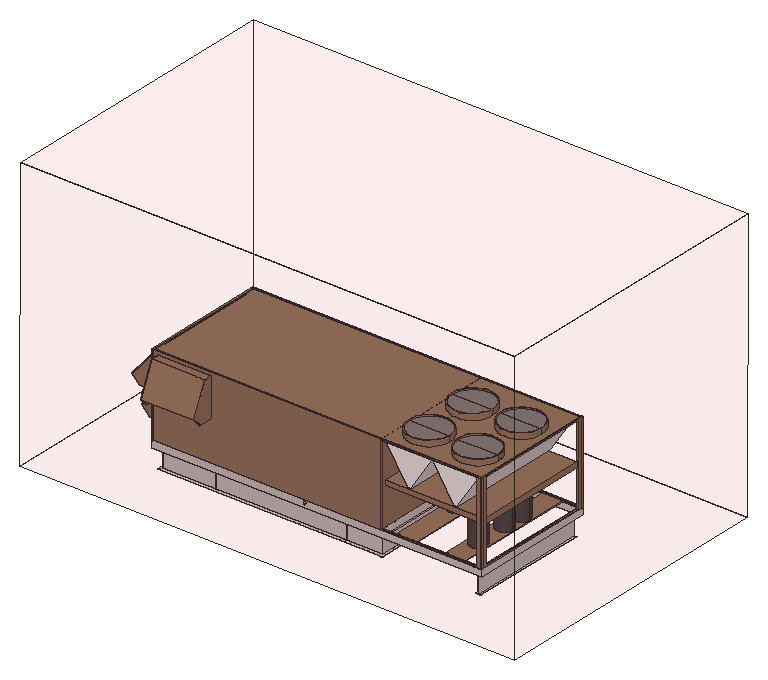
Revit family
Parameters (values of type "25 Ton - A - C - E - 208V")
  Width = 92"  # constant formula
  Voltage = 208 V
  URL = "www.johnsoncontrols.com"
  Temperature Rise Range [instance] = 0 °F
  Supply Fan HP = 0 W
  Supply Fan Full Load Current = 0 A
  Supply Air Connection Width = 71 39/64"  # constant formula
  Supply Air Connection Height = 26"  # constant formula
  Supply Air Connection Description = "Supply Air"  # constant formula
  Steady State Efficiency [instance] = 0
  Static Resistance [instance] = -0.14
  Standard Capacity Evaporator [instance] = "12.3"
  Serial Number [instance] = ""
  Seasonal Energy Efficiency Rating [instance] = 0
  Screen Detail Height = Height - 5 5/8"  # 58 3/8"
  Right Screen Detail Width = Width - 8"  # 84"
  Return Air Dry Bulb Temperature [instance] = 68 °F
  Return Air Connection Width = 83"  # constant formula
  Return Air Connection Height = 38 151/256"  # constant formula
  Return Air Connection Description = "Return Air"  # constant formula
  Refrigerant Used = "R-410A"  # constant formula
  Refrigerant Charge System Two = 12.00 lbf
  Refrigerant Charge System Three = 10.00 lbf
  Refrigerant Charge System One = 12.00 lbf
  Refrigerant Charge System Four = 10.00 lbf
  Product Page URL = "http://www.johnsoncontrols.com/publish/us/en/products/building_efficiency/integrated_hvac_systems/Industrial___Commercial_HVAC_Equipment/single-package_units/series_40.html"
  Product Documentation Link = "http://www.johnsoncontrols.com/publish/etc/medialib/jci/be/commercial/products/industrial___commercial/single-package_units.Par.62966.File.dat/series%2040-%20T%20series.pdf"
  Power Factor = 1  # constant formula
  Power Exhaust Width = 59 133/256"  # constant formula
  Power Convenience Outlet Description [instance] = if(Power Convenience Outlet, "Convenience Outlet Power", "Disable")  # "Disable"
  Outdoor Ambient Temperature [instance] = 75 °F
  Outdoor Air Wet Bulb Temperature [instance] = 57 °F
  Nominal Cooling Capacity = 0.0 ton
  Maximum Overcurrent Protection = 0 A
  Filter Type = "2\" TA"
  Filter Size and Quantity = "4 / 16 x 25 & 6 / 20 x 25"  # constant formula
  Family Revision Date = "06/18/2010"  # constant formula
  Exhaust Width = 79"  # constant formula
  Power Exhaust [instance] = yes
  Power Convenience Outlet [instance] = no
  Power Connector Description = "Equipment Power"  # constant formula
  Operating Weight = 4410.00 lbf
  OmniClass Title = "Packaged Rooftop Air Conditioning Units"  # constant formula
  OmniClass Number = "23.75.10.24.21.27.14"  # constant formula
  Number of Poles = 3
  Model = "V32AE"
  Manufacturer = "Johnson Controls, Inc."  # constant formula
  Length = 240"  # constant formula
  Keynote = "15700"
  Integrated Part Load Value = 0
  Hot Gas By Pass [instance] = no
  Height = 64"  # constant formula
  Frame Material = Metal - JCI - Steel - Galvanized With Wood Nailer
  Frame Finish = Paint - JCI - Powder Coated - Champagne
  Filter Face Area = 30.40 SF  # constant formula
  Exhaust Fan HP [instance] = 7.457 W
  Exhaust Fan Drive = "Belt Drive"
  Exhaust Air Blower Full Load Current [instance] = 0 A
  External Static Pressure [instance] = 0.00 in-wg
  Exhaust Fan Type = "FC"  # constant formula
  Exhaust Fan Quantity = 1
  Exhaust Air Flow = 0 CFM
  Evaporator Coil Row Count = 2
  Evaporator Coil Fins per Inch = 16  # constant formula
  Evaporator Coil Face Area = 26.00 SF
  Energy Efficiency Rating = 10.5
  Electric Heat Model = ""
  Electric Heat Current = 0 A
  Electric Heat = 0 W
  Economizer Damper Hood Right [instance] = not(Economizer Damper Hood Left)  # yes
  Economizer Damper Hood Left [instance] = no
  Design Supply Air Flow [instance] = 0 CFM
  Description = "Air Handling Unit, Commercial Comfort Systems, Series 40, Cooling Only, Bottor Return And Bottom Supply 25 to 40 Ton Unit"  # constant formula
  Curb Width = 87"  # constant formula
  Curb Thicknes = 2"  # constant formula
  Curb Metal Gauge = 1/8"  # constant formula
  Curb Length = 235"  # constant formula
  Curb Height = 14"
  Curb Material = Metal - JCI - Steel - Galvanized With Wood Nailer
  Curb Exists [instance] = yes
  Copyright © = "Copyright © 2001-2009 Johnson Controls"  # constant formula
  Convenience Outlet Voltage [instance] = if(Power Convenience Outlet, 115 V, 0 V)  # 0 V
  Convenience Outlet Full Load Current = 0 A
  Connection Opening Radius = 1 1/4"  # constant formula
  Condenser Fan Quantity = 4
  Condenser Fan HP = 0 W
  Condenser Fan Full Load Current = 0 A
  Condenser Fan Drive Type = "Belt Drive"
  Condenser Fan Diameter = 30"
  Condenser Coils Fins per Inch = 16  # constant formula
  Condenser Coil Rows = 2
  Condenser Coil Material = Metal - JCI - Aluminum - Perforated - Micro Channel
  Condensate Drain Flow [instance] = 0 GPM
  Condensate Drain Connection Radius = Condensate Drain Connection Diameter / 2  # 3/4"
  Condensate Drain Connection Diameter = 1 1/2"  # constant formula
  Condensate Drain Connection Description = "Condensate Drain"  # constant formula
  Compressor Type = "Scroll"  # constant formula
  Compressor Size = "5.7 Tons"
  Compressor Running Load Current = 0 A
  Compressor Quantity = 4
  Compressor Maximum Continuous Current = 0 A
  Compressor Material = Metal - JCI - Cast Iron - Coated Black
  Compressor Locked Rotor Current = 0 A
  Clearance Top = 120"
  Clearance Right = 60"
  Clearance Left = 60"
  Clearance Front = 60"
  Clearance Bottom [instance] = if(Curb Exists, CTRL Curb Height, 0")  # 14"
  Clearance Back = 60"
  Clearance [instance] = Include Clearance : Include Clearance
  CTRL Curb Height [instance] = if(Curb Exists, if(Curb Height < 9", 8", 14"), 0")  # 14"
  Assembly Code = "D3050200"
  Actual Supply Air Flow [instance] = 0 CFM
  Actual Return Air Flow [instance] = 0 CFM
Reference planes (in)
  plane 1 "Center (Front/Back)": y = 0
  plane 2 "Curb Bottom": z = 0
  plane 3 "Center (Left/Right)": x = 0
  plane 4 "Curb Left": x = -117.5
  plane 5 "Curb Right": x = 117.5
  plane 6 "Curb Front": y = -43.5
  plane 7 "Curb Back": y = 43.5
  plane 8 "Economizer Left": x = -115.5
  plane 9 "Right Rail Center L/R": x = 115.5
  plane 10 "Curv Front Inset": y = -41.5
  plane 11 "Curv Back Inset": y = 41.5
  plane 12 "Curb Top": z = 14
  plane 13 "Curb Top Offset": z = 12.5
  plane 14 "Economizer Right": x = -76.91
  plane 15 "Economizer Right Offset": x = -74.91
  plane 16 "Supply Air Left": x = 18.17984
  plane 17 "Supply Air Right'": x = 44.17984
  plane 18 "Supply Air Right Offset": x = 46.17984
  plane 19 "Supply Air Left Offset": x = 16.17984
  plane 20 "Supply Air Front": y = -30.10938
  plane 21 "Supply Air Front Offset": y = -32.10938
  plane 22 "Right Rail Left": x = 113.5
  plane 23 "Right": x = 120
  plane 24 "Left": x = -120
  plane 25 "Back": y = 46
  plane 26 "Front": y = -46
  plane 27 "Center of Drain Connection L/R": x = -39.07
  plane 28 "Top of Base": z = 18.625
  plane 29 "Drain Center T/B": z = 16.3125
  plane 30 "Drain Back": y = 47
  plane 31 "Flanged Drain Left": x = -42.195
  plane 32 "Flanged Drain Right": x = -35.945
  plane 33 "Center of Electrical Connection L/R": x = -8.5
  plane 34 "Center of Electrical Connection F/B": y = -39.54
  plane 35 "Center of Connection Holes T/B": z = 17.0625
  plane 36 "Return Air Bottom": z = 20.25
  plane 37 "Top": z = 78
  plane 38 "Center (Elevation)": z = 48.3125
  plane 39 "Economizer Top": z = 76
  plane 40 "Front Condenser Fans": y = -23.97667
  plane 41 "Rear Condenser Fans": y = 15.33333
  plane 42 "Right Condenser Fans": x = 99.54496
  plane 43 "Center of Condenser Fans L/R": x = 82.83992
  plane 44 "Left Condenser Fans": x = 64.12309
  plane 45 "Compressor Base Top": z = 18.875
  plane 46 "Power Exhaust Bottom": z = 21.94
  plane 47 "Power Convenience Outlet Center L/R": x = -14.5
  plane 48 "Power Convenience Outlet Right": x = -13.75
  plane 49: x = -13.75
  plane 50 "Power Convenience Outle Left": x = -15.25
  plane 51 "Power Convenience Outlet Bottom": z = 16.0625
  plane 52 "Power Convenience Outlet Top": z = 18.0625
  plane 53 "Power Convenience Outlet": y = -46.75
  plane 54 "Duct Center": x = -96.20508
  plane 55 "Supply Duct Center": y = 5.695
  plane 56 "Supply Duct Middle": x = 31.17984
Forms (in)
  Sweep 1, solid, material "Metal - JCI - Steel - Galvanized With Wood Nailer" <- "Curb Material", visible <- "Curb Exists", detail levels fine
    path origin (0, 0, 0) x (1, 0, 0) y (0, 1, 0)
      loop
        line (-115.5, 41.5) -> (-115.5, -41.5) -> (44.17984, -41.5) -> (44.17984, 41.5) -> (-115.5, 41.5)
    profile origin (-35.66008, 41.5, 0) x (0, 1, 0) y (0, 0, 1)
      loop
        line (0, 0) -> (2, 0) -> (2, 0.125) -> (0.125, 0.125) -> (0.125, 13.875) -> (1.875, 13.875) -> (1.875, 12.5) -> (2, 12.5) -> (2, 14) -> (0, 14) -> (0, 0)
  Extrusion 2, solid, material "Metal - JCI - Steel - Galvanized With Wood Nailer" <- "Curb Material", visible <- "Curb Exists", detail levels fine
    sketch origin (0, 0, 0) x (1, 0, 0) y (0, 0, 1)
      loop
        line (16.17984, 12.5) -> (16.30484, 12.5) -> (16.30484, 13.875) -> (18.05484, 13.875) -> (18.05484, 0.125) -> (16.17984, 0.125) -> (16.17984, 0) -> (18.17984, 0) -> (18.17984, 14) -> (16.17984, 14) -> (16.17984, 12.5)
      loop
        line (-74.91, 12.5) -> (-74.91, 14) -> (-76.91, 14) -> (-76.91, 0) -> (-74.91, 0) -> (-74.91, 0.125) -> (-76.785, 0.125) -> (-76.785, 13.875) -> (-75.035, 13.875) -> (-75.035, 12.5) -> (-74.91, 12.5)
    from -41.5 to 41.5
  Extrusion 3, solid, material "Metal - JCI - Steel - Galvanized With Wood Nailer" <- "Curb Material", visible <- "Curb Exists", detail levels fine
    sketch origin (0, 0, 0) x (0, 1, 0) y (0, 0, 1)
      loop
        line (-32.10938, 0.125) -> (-32.10938, 0) -> (-30.10938, 0) -> (-30.10938, 14) -> (-32.10938, 14) -> (-32.10938, 12.5) -> (-31.98438, 12.5) -> (-31.98438, 13.875) -> (-30.23438, 13.875) -> (-30.23438, 0.125) -> (-32.10938, 0.125)
    from 18.17984 to 44.17984
  Extrusion 4, solid, material "Metal - JCI - Steel - Galvanized With Wood Nailer" <- "Curb Material", visible <- "Curb Exists", detail levels fine
    sketch origin (0, 0, 0) x (1, 0, 0) y (0, 0, 1)
      loop
        line (113.5, 0.125) -> (113.5, 0) -> (117.5, 0) -> (117.5, 0.125) -> (115.625, 0.125) -> (115.625, 13.875) -> (117.375, 13.875) -> (117.375, 12.5) -> (117.5, 12.5) -> (117.5, 14) -> (113.5, 14) -> (113.5, 12.5) -> (113.625, 12.5) -> (113.625, 13.875) -> (115.375, 13.875) -> (115.375, 0.125) -> (113.5, 0.125)
    from -43.5 to 43.5
  Extrusion 5, solid, material "Metal - JCI - Steel - Galvanized With Wood Nailer" <- "Curb Material", visible <- "Curb Exists", detail levels medium
    sketch origin (0, 0, 12.5) x (-1, 0, 0) y (0, -1, 0)
      loop
        line (117.5, -43.5) -> (117.5, 43.5) -> (-46.17984, 43.5) -> (-46.17984, -43.5) -> (117.5, -43.5)
      loop
        line (-113.5, -43.5) -> (-113.5, 43.5) -> (-117.5, 43.5) -> (-117.5, -43.5) -> (-113.5, -43.5)
      loop
        line (-18.17984, -41.5) -> (-18.17984, 30.10938) -> (-44.17984, 30.10938) -> (-44.17984, -41.5) -> (-18.17984, -41.5)
      loop
        line (115.5, -41.5) -> (115.5, 41.5) -> (76.91, 41.5) -> (76.91, -41.5) -> (115.5, -41.5)
    from -12.5 to 1.5
  Revolve 6, solid, material "Metal - JCI - Steel - Galvanized With Wood Nailer" <- "Curb Material", detail levels fine
    sketch origin (0, 0, 16.3125) x (-1, 0, 0) y (0, -1, 0)
      loop
        line (39.07, -47) -> (39.07, -46) -> (38.32, -46) -> (38.32, -47) -> (39.07, -47)
      axis (39.07, -46) -> (39.07, -47)
    angle from 0 to 360
  Extrusion 7, solid, material "Metal - JCI - Steel - Galvanized With Wood Nailer" <- "Curb Material", detail levels fine
    sketch origin (0, -43.5, 0) x (-1, 0, 0) y (0, 0, 1)
      loop
        line (42.195, 18.625) -> (35.945, 18.625) -> (35.945, 14) -> (42.195, 14) -> (42.195, 18.625)
      loop
        circle (39.07, 16.3125) r 1.5
    from 89.5 to 89.57955
  Extrusion 8, void
    sketch origin (0, -43.5, 0) x (-1, 0, 0) y (0, 0, 1)
      loop
        circle (8.5, 17.0625) r 1.25
    from -2.5 to 3.96
  Extrusion 9, void
    sketch origin (0, 0, 16.3125) x (-1, 0, 0) y (0, -1, 0)
      loop
        line (-18.17984, -41.5) -> (-18.17984, 30.10938) -> (-44.17984, 30.10938) -> (-44.17984, -41.5) -> (-18.17984, -41.5)
    from -3.8125 to -2.3125
  Extrusion 10, void
    sketch origin (0, 0, 12.5) x (-1, 0, 0) y (0, -1, 0)
      loop
        line (115.5, -41.5) -> (115.5, 41.5) -> (76.91, 41.5) -> (76.91, -41.5) -> (115.5, -41.5)
    from 0 to 1.5
  Extrusion 11, solid, material "Metal - JCI - Steel - Galvanized With Wood Nailer" <- "Frame Material", visible <- "Power Convenience Outlet", detail levels medium+fine
    sketch origin (0, -43.5, 0) x (-1, 0, 0) y (0, 0, 1)
      loop
        line (15.25, 18.0625) -> (13.75, 18.0625) -> (13.75, 16.0625) -> (15.25, 16.0625) -> (15.25, 18.0625)
    from -3.25 to -2.5
Lines and regions (in)
  Masking region 1
    outline origin (0, 0, 0) x (1, 0, 0) y (0, 0, 1)
      loop
        line (113.5, 14) -> (113.5, 0) -> (117.5, 0) -> (117.5, 14) -> (113.5, 14)
      loop
        line (-117.5, 14) -> (-117.5, 0) -> (46.17984, 0) -> (46.17984, 14) -> (-117.5, 14)
  Masking region 2
    outline origin (0, 0, 0) x (0, 1, 0) y (0, 0, 1)
      loop
        line (-43.5, 14) -> (-43.5, 0) -> (43.5, 0) -> (43.5, 14) -> (-43.5, 14)
  Masking region 3, visible <- "Power Convenience Outlet", detail levels medium+fine
    outline origin (-14.5, 0, 0) x (0, -1, 0) y (0, 0, 1)
      loop
        line (46.75, 18.0625) -> (46, 18.0625) -> (46, 16.0625) -> (46.75, 16.0625) -> (46.75, 18.0625)
  Masking region 4, visible <- "Power Convenience Outlet"
    outline origin (0, -46, 0) x (-1, 0, 0) y (0, 0, 1)
      loop
        line (15.25, 18.0625) -> (13.75, 18.0625) -> (13.75, 16.0625) -> (15.25, 16.0625) -> (15.25, 18.0625)
  Masking region 5, visible <- "Power Convenience Outlet", detail levels medium+fine
    outline origin (0, 0, 17.0625) x (-1, 0, 0) y (0, -1, 0)
      loop
        line (15.25, 46) -> (15.25, 46.75) -> (13.75, 46.75) -> (13.75, 46) -> (15.25, 46)
  model lines, style "Roof Curv", visible <- "Curb Exists", detail levels coarse
    curve 1: line (-117.5, 43.5, 0) -> (46.17984, 43.5, 0)
    curve 2: line (-117.5, 43.5, 0) -> (-117.5, -43.5, 0)
    curve 3: line (-117.5, -43.5, 0) -> (46.17984, -43.5, 0)
    curve 4: line (46.17984, 43.5, 0) -> (46.17984, -43.5, 0)
    curve 5: line (115.5, 43.5, 0) -> (115.5, -43.5, 0)
    curve 6: line (-117.5, 43.5, 14) -> (46.17984, 43.5, 14)
    curve 7: line (-117.5, -43.5, 14) -> (46.17984, -43.5, 14)
    curve 8: line (46.17984, 43.5, 14) -> (46.17984, -43.5, 14)
    curve 9: line (-117.5, 43.5, 14) -> (-117.5, -43.5, 14)
    curve 10: line (115.5, 43.5, 14) -> (115.5, -43.5, 14)
    curve 11: line (113.5, -43.5, 14) -> (117.5, -43.5, 14)
    curve 12: line (113.5, 43.5, 14) -> (117.5, 43.5, 14)
    curve 13: line (113.5, 43.5, 0) -> (117.5, 43.5, 0)
    curve 14: line (113.5, -43.5, 0) -> (117.5, -43.5, 0)
    curve 15: line (117.5, 43.5, 14) -> (117.5, 43.5, 12.5)
    curve 16: line (113.5, 43.5, 14) -> (113.5, 43.5, 12.5)
    curve 17: line (115.5, 43.5, 14) -> (115.5, 43.5, 0)
    curve 18: line (113.5, -43.5, 14) -> (113.5, -43.5, 12.5)
    curve 19: line (117.5, -43.5, 14) -> (117.5, -43.5, 12.5)
    curve 20: line (115.5, -43.5, 14) -> (115.5, -43.5, 0)
    curve 21: line (113.5, 43.5, 0) -> (113.5, -43.5, 0)
    curve 22: line (117.5, 43.5, 0) -> (117.5, -43.5, 0)
    curve 23: line (113.5, 43.5, 14) -> (113.5, -43.5, 14)
    curve 24: line (117.5, 43.5, 14) -> (117.5, -43.5, 14)
    curve 25: line (117.5, 43.5, 12.5) -> (117.5, -43.5, 12.5)
    curve 26: line (113.5, -43.5, 12.5) -> (113.5, 43.5, 12.5)
    curve 27: line (44.17984, 41.5, 14) -> (44.17984, 41.5, 0)
    curve 28: line (-115.5, 41.5, 14) -> (-115.5, 41.5, 0)
    curve 29: line (-115.5, -41.5, 14) -> (-115.5, -41.5, 0)
    curve 30: line (44.17984, -41.5, 14) -> (44.17984, -41.5, 0)
    curve 31: line (-115.5, 41.5, 0) -> (44.17984, 41.5, 0)
    curve 32: line (-115.5, -41.5, 0) -> (44.17984, -41.5, 0)
    curve 33: line (44.17984, 41.5, 0) -> (44.17984, -41.5, 0)
    curve 34: line (-115.5, 41.5, 0) -> (-115.5, -41.5, 0)
    curve 35: line (-115.5, 41.5, 14) -> (44.17984, 41.5, 14)
    curve 36: line (44.17984, 41.5, 14) -> (44.17984, -41.5, 14)
    curve 37: line (44.17984, -41.5, 14) -> (-115.5, -41.5, 14)
    curve 38: line (-115.5, -41.5, 14) -> (-115.5, 41.5, 14)
    curve 39: line (-117.5, 43.5, 14) -> (-115.5, 41.5, 14)
    curve 40: line (-117.5, -43.5, 14) -> (-115.5, -41.5, 14)
    curve 41: line (44.17984, -41.5, 14) -> (46.17984, -43.5, 14)
    curve 42: line (44.17984, 41.5, 14) -> (46.17984, 43.5, 14)
    curve 43: line (44.17984, 41.5, 0) -> (46.17984, 43.5, 0)
    curve 44: line (44.17984, -41.5, 0) -> (46.17984, -43.5, 0)
    curve 45: line (-115.5, -41.5, 0) -> (-117.5, -43.5, 0)
    curve 46: line (-115.5, 41.5, 0) -> (-117.5, 43.5, 0)
    curve 47: line (-117.5, 43.5, 14) -> (-117.5, 43.5, 12.5)
    curve 48: line (46.17984, 43.5, 14) -> (46.17984, 43.5, 12.5)
    curve 49: line (-117.5, -43.5, 14) -> (-117.5, -43.5, 12.5)
    curve 50: line (46.17984, -43.5, 14) -> (46.17984, -43.5, 12.5)
    curve 51: line (-117.5, 43.5, 12.5) -> (46.17984, 43.5, 12.5)
    curve 52: line (-117.5, -43.5, 12.5) -> (-117.5, 43.5, 12.5)
    curve 53: line (46.17984, -43.5, 12.5) -> (-117.5, -43.5, 12.5)
    curve 54: line (46.17984, 43.5, 12.5) -> (46.17984, -43.5, 12.5)
  model lines, style "Roof Curv", detail levels coarse
    curve 55: line (-39.07, 46, 16.3125) -> (-39.07, 47, 16.3125)
  symbolic lines, style "Roof Curv", detail levels coarse
    curve 56: line (-39.07, 46, 16.3125) -> (-39.07, 47, 16.3125)
    curve 57: line (-39.07, 46, 16.3125) -> (-39.07, 47, 16.3125)
  model lines, style "Frame Unit", detail levels coarse
    curve 58: line (-14.5, -46.75, 17.0625) -> (-14.5, -46, 17.0625)
  symbolic lines, style "Frame Unit", visible <- "Power Convenience Outlet", detail levels coarse
    curve 59: line (-14.5, -46.75, 17.0625) -> (-14.5, -46, 17.0625)
    curve 64: line (-14.5, -46, 17.0625) -> (-14.5, -46.75, 17.0625)
  model lines, style "Frame Unit", visible <- "Power Convenience Outlet", detail levels coarse
    curve 60: line (-15.25, -46, 18.0625) -> (-13.75, -46, 18.0625)
    curve 61: line (-13.75, -46, 18.0625) -> (-13.75, -46, 16.0625)
    curve 62: line (-13.75, -46, 16.0625) -> (-15.25, -46, 16.0625)
    curve 63: line (-15.25, -46, 16.0625) -> (-15.25, -46, 18.0625)
  model lines, style "Frame Unit", detail levels coarse+medium
    curve 65: line (-115.5, 41.5, 12.5) -> (-76.91, 41.5, 12.5)
    curve 66: line (-76.91, 41.5, 12.5) -> (-76.91, -41.5, 12.5)
    curve 67: line (-76.91, -41.5, 12.5) -> (-115.5, -41.5, 12.5)
    curve 68: line (-115.5, -41.5, 12.5) -> (-115.5, 41.5, 12.5)
Dimensions and locks (in)
  "Curb Thicknes": plane 9 "Right Rail Center L/R" to plane 5 "Curb Right"
  "Curb Thicknes": plane 4 "Curb Left" to plane 8 "Economizer Left"
  "Curb Height": plane 12 "Curb Top" to plane 2 "Curb Bottom"
  locked: plane 12 "Curb Top" to plane 13 "Curb Top Offset" at 1.5
  "Curb Metal Gauge": Sweep 1 sketch curve to plane 7 "Curb Back"
  "Curb Metal Gauge": plane 12 "Curb Top" to Sweep 1 sketch curve
  "Curb Metal Gauge": plane 11 "Curv Back Inset" to Sweep 1 sketch curve
  "Curb Metal Gauge": Sweep 1 sketch curve to plane 2 "Curb Bottom"
  "Curb Thicknes": plane 14 "Economizer Right" to plane 15 "Economizer Right Offset"
  locked: plane 8 "Economizer Left" to plane 14 "Economizer Right" at 38.59
  "Supply Air Connection Height": plane 16 "Supply Air Left" to plane 17 "Supply Air Right'"
  "Curb Thicknes": plane 17 "Supply Air Right'" to plane 18 "Supply Air Right Offset"
  "Curb Thicknes": plane 19 "Supply Air Left Offset" to plane 16 "Supply Air Left"
  locked: plane 18 "Supply Air Right Offset" to plane 5 "Curb Right" at 71.32016
  "Curb Metal Gauge": plane 14 "Economizer Right" to Extrusion 2 sketch curve
  "Curb Metal Gauge": Extrusion 2 sketch curve to plane 2 "Curb Bottom"  (x2)
  "Curb Metal Gauge": Extrusion 2 sketch curve to plane 15 "Economizer Right Offset"
  "Curb Metal Gauge": plane 12 "Curb Top" to Extrusion 2 sketch curve  (x2)
  "Curb Metal Gauge": plane 19 "Supply Air Left Offset" to Extrusion 2 sketch curve
  "Curb Metal Gauge": Extrusion 2 sketch curve to plane 16 "Supply Air Left"
  "Supply Air Connection Width": plane 20 "Supply Air Front" to plane 11 "Curv Back Inset"
  "Curb Thicknes": plane 20 "Supply Air Front" to plane 21 "Supply Air Front Offset"
  "Curb Metal Gauge": Extrusion 3 sketch curve to plane 20 "Supply Air Front"
  "Curb Metal Gauge": plane 21 "Supply Air Front Offset" to Extrusion 3 sketch curve
  "Curb Metal Gauge": plane 12 "Curb Top" to Extrusion 3 sketch curve
  "Curb Metal Gauge": Extrusion 3 sketch curve to plane 2 "Curb Bottom"
  "Curb Thicknes": plane 22 "Right Rail Left" to plane 9 "Right Rail Center L/R"
  "Curb Metal Gauge": plane 12 "Curb Top" to Extrusion 4 sketch curve
  "Curb Metal Gauge": Extrusion 4 sketch curve to plane 5 "Curb Right"
  "Curb Metal Gauge": Extrusion 4 sketch curve to plane 2 "Curb Bottom"
  "Curb Metal Gauge": Extrusion 4 sketch curve to plane 9 "Right Rail Center L/R"
  "Curb Metal Gauge": plane 9 "Right Rail Center L/R" to Extrusion 4 sketch curve
  "Curb Metal Gauge": Extrusion 4 sketch curve to plane 22 "Right Rail Left"
  equal spacing: plane 24 "Left", plane 3 "Center (Left/Right)", plane 23 "Right"
  "Length": plane 24 "Left" to plane 23 "Right"
  equal spacing: plane 25 "Back", plane 1 "Center (Front/Back)", plane 26 "Front"
  "Width": plane 25 "Back" to plane 26 "Front"
  locked: plane 7 "Curb Back" to plane 25 "Back" at 2.5
  locked: plane 6 "Curb Front" to plane 26 "Front" at 2.5
  "Curb Thicknes": plane 10 "Curv Front Inset" to plane 6 "Curb Front"
  "Curb Thicknes": plane 11 "Curv Back Inset" to plane 7 "Curb Back"
  locked: plane 5 "Curb Right" to plane 23 "Right" at 2.5
  locked: plane 24 "Left" to plane 4 "Curb Left" at 2.5
  locked: plane 24 "Left" to plane 27 "Center of Drain Connection L/R" at 80.93
  locked: plane 28 "Top of Base" to plane 12 "Curb Top" at 4.625
  equal spacing: plane 28 "Top of Base", plane 29 "Drain Center T/B", plane 12 "Curb Top"
  "Condensate Drain Connection Radius": Revolve 6 sketch curve to Revolve 6 sketch curve
  locked: plane 25 "Back" to plane 30 "Drain Back" at 1
  equal spacing: plane 32 "Flanged Drain Right", plane 27 "Center of Drain Connection L/R", plane 31 "Flanged Drain Left"
  locked: plane 32 "Flanged Drain Right" to plane 31 "Flanged Drain Left" at 6.25
  locked: Extrusion 7 sketch curve to plane 29 "Drain Center T/B" at 1.5
  locked: plane 27 "Center of Drain Connection L/R" to Extrusion 7 sketch curve at 1.5
  locked: plane 25 "Back" to Extrusion 7 at 0.07955
  locked: plane 33 "Center of Electrical Connection L/R" to plane 23 "Right" at 128.5
  locked: plane 34 "Center of Electrical Connection F/B" to plane 26 "Front" at 6.46
  locked: plane 35 "Center of Connection Holes T/B" to plane 12 "Curb Top" at 3.0625
  "Connection Opening Radius": plane 33 "Center of Electrical Connection L/R" to Extrusion 8 sketch curve
  "Connection Opening Radius": plane 35 "Center of Connection Holes T/B" to Extrusion 8 sketch curve
  locked: plane 36 "Return Air Bottom" to plane 12 "Curb Top" at 6.25
  "Height": plane 37 "Top" to plane 12 "Curb Top"
  equal spacing: plane 37 "Top", plane 38 "Center (Elevation)", plane 28 "Top of Base"
  locked: plane 37 "Top" to plane 39 "Economizer Top" at 2
  locked: plane 25 "Back" to plane 41 "Rear Condenser Fans" at 30.66667
  locked: plane 42 "Right Condenser Fans" to plane 23 "Right" at 20.45504
  locked: plane 40 "Front Condenser Fans" to plane 41 "Rear Condenser Fans" at 39.31
  locked: plane 44 "Left Condenser Fans" to plane 42 "Right Condenser Fans" at 35.42188
  locked: plane 45 "Compressor Base Top" to plane 28 "Top of Base" at 0.25
  locked: plane 46 "Power Exhaust Bottom" to plane 12 "Curb Top" at 7.94
  locked: plane 47 "Power Convenience Outlet Center L/R" to plane 33 "Center of Electrical Connection L/R" at 6
  equal spacing: plane 50 "Power Convenience Outle Left", plane 47 "Power Convenience Outlet Center L/R", plane 49
  locked: plane 50 "Power Convenience Outle Left" to plane 49 at 1.5
  locked: plane 52 "Power Convenience Outlet Top" to plane 51 "Power Convenience Outlet Bottom" at 2
  equal spacing: plane 52 "Power Convenience Outlet Top", plane 35 "Center of Connection Holes T/B", plane 51 "Power Convenience Outlet Bottom"
  locked: plane 53 "Power Convenience Outlet" to plane 26 "Front" at 0.75
  "Connection Opening Radius": radius of Extrusion 8 sketch curve
  aligned and locked: plane 2 "Curb Bottom" to level
  aligned and locked: Sweep 1 sketch curve to plane 11 "Curv Back Inset"
  aligned and locked: Sweep 1 sketch curve to plane 12 "Curb Top"
  aligned and locked: plane 13 "Curb Top Offset" to Sweep 1 sketch curve
  aligned and locked: plane 11 "Curv Back Inset" to Sweep 1 sketch curve
  aligned and locked: plane 10 "Curv Front Inset" to Sweep 1 sketch curve
  aligned and locked: Sweep 1 sketch curve to plane 8 "Economizer Left"
  aligned and locked: plane 7 "Curb Back" to Sweep 1 sketch curve
  aligned and locked: Sweep 1 sketch curve to plane 2 "Curb Bottom"
  aligned and locked: plane 17 "Supply Air Right'" to Sweep 1 sketch curve
  aligned and locked: plane 16 "Supply Air Left" to Extrusion 2 sketch curve
  aligned and locked: Extrusion 2 sketch curve to plane 19 "Supply Air Left Offset"  (x2)
  aligned and locked: Extrusion 2 sketch curve to plane 12 "Curb Top"
  aligned and locked: plane 2 "Curb Bottom" to Extrusion 2 sketch curve
  aligned and locked: Extrusion 2 sketch curve to plane 15 "Economizer Right Offset"  (x2)
  aligned and locked: plane 14 "Economizer Right" to Extrusion 2 sketch curve
  aligned and locked: plane 12 "Curb Top" to Extrusion 2 sketch curve
  aligned and locked: Extrusion 2 sketch curve to plane 2 "Curb Bottom"
  aligned and locked: Extrusion 2 to plane 11 "Curv Back Inset"
  aligned and locked: Extrusion 2 to plane 10 "Curv Front Inset"
  aligned and locked: Extrusion 2 sketch curve to plane 13 "Curb Top Offset"
  aligned and locked: plane 13 "Curb Top Offset" to Extrusion 2 sketch curve
  aligned and locked: Extrusion 3 sketch curve to plane 12 "Curb Top"
  aligned and locked: plane 2 "Curb Bottom" to Extrusion 3 sketch curve
  aligned and locked: Extrusion 3 sketch curve to plane 20 "Supply Air Front"
  aligned and locked: plane 21 "Supply Air Front Offset" to Extrusion 3 sketch curve  (x2)
  aligned and locked: plane 13 "Curb Top Offset" to Extrusion 3 sketch curve
  aligned and locked: plane 16 "Supply Air Left" to Extrusion 3
  aligned and locked: Extrusion 3 to plane 17 "Supply Air Right'"
  aligned and locked: Extrusion 4 sketch curve to plane 12 "Curb Top"
  aligned and locked: plane 22 "Right Rail Left" to Extrusion 4 sketch curve  (x2)
  aligned and locked: plane 13 "Curb Top Offset" to Extrusion 4 sketch curve  (x2)
  aligned and locked: plane 5 "Curb Right" to Extrusion 4 sketch curve  (x2)
  aligned and locked: plane 2 "Curb Bottom" to Extrusion 4 sketch curve
  aligned and locked: Extrusion 4 sketch curve to Extrusion 4 sketch curve  (x2)
  aligned and locked: Extrusion 4 to plane 7 "Curb Back"
  aligned and locked: Extrusion 4 to plane 6 "Curb Front"
  aligned and locked: plane 6 "Curb Front" to curve 4
  aligned and locked: plane 7 "Curb Back" to curve 5
  aligned and locked: plane 6 "Curb Front" to curve 5
  aligned and locked: curve 5 to plane 9 "Right Rail Center L/R"
  aligned and locked: plane 18 "Supply Air Right Offset" to curve 1
  aligned and locked: curve 3 to plane 6 "Curb Front"
  aligned and locked: plane 4 "Curb Left" to curve 9
  aligned and locked: plane 18 "Supply Air Right Offset" to curve 7
  aligned and locked: plane 22 "Right Rail Left" to curve 11
  aligned and locked: plane 22 "Right Rail Left" to curve 14
  aligned and locked: plane 5 "Curb Right" to curve 11
  aligned and locked: plane 5 "Curb Right" to curve 14
  aligned and locked: curve 11 to plane 6 "Curb Front"
  aligned and locked: curve 14 to plane 6 "Curb Front"
  aligned and locked: plane 18 "Supply Air Right Offset" to curve 8
  aligned and locked: plane 7 "Curb Back" to curve 10
  aligned and locked: curve 10 to plane 9 "Right Rail Center L/R"
  aligned and locked: plane 5 "Curb Right" to curve 13
  aligned and locked: plane 22 "Right Rail Left" to curve 12
  aligned and locked: plane 22 "Right Rail Left" to curve 13
  aligned and locked: plane 7 "Curb Back" to curve 12
  aligned and locked: plane 7 "Curb Back" to curve 13
  aligned and locked: plane 4 "Curb Left" to curve 6
  aligned and locked: plane 4 "Curb Left" to curve 1
  aligned and locked: plane 18 "Supply Air Right Offset" to curve 6
  aligned and locked: plane 6 "Curb Front" to curve 9
  aligned and locked: plane 6 "Curb Front" to curve 2
  aligned and locked: plane 12 "Curb Top" to curve 18
  aligned and locked: plane 12 "Curb Top" to curve 16
  aligned and locked: plane 12 "Curb Top" to curve 20
  aligned and locked: plane 12 "Curb Top" to curve 17
  aligned and locked: plane 12 "Curb Top" to curve 15
  aligned and locked: plane 12 "Curb Top" to curve 19
  aligned and locked: plane 13 "Curb Top Offset" to curve 18
  aligned and locked: plane 13 "Curb Top Offset" to curve 16
  aligned and locked: plane 13 "Curb Top Offset" to curve 15
  aligned and locked: plane 13 "Curb Top Offset" to curve 19
  aligned and locked: plane 2 "Curb Bottom" to curve 20
  aligned and locked: plane 2 "Curb Bottom" to curve 17
  aligned and locked: curve 16 to plane 22 "Right Rail Left"
  aligned and locked: curve 18 to plane 22 "Right Rail Left"
  aligned and locked: plane 5 "Curb Right" to curve 15
  aligned and locked: plane 5 "Curb Right" to curve 19
  aligned and locked: curve 17 to plane 9 "Right Rail Center L/R"
  aligned and locked: curve 20 to plane 9 "Right Rail Center L/R"
  aligned and locked: plane 5 "Curb Right" to curve 24
  aligned and locked: plane 7 "Curb Back" to curve 24
  aligned and locked: plane 7 "Curb Back" to curve 23
  aligned and locked: plane 7 "Curb Back" to curve 22
  aligned and locked: plane 7 "Curb Back" to curve 21
  aligned and locked: plane 6 "Curb Front" to curve 23
  aligned and locked: plane 6 "Curb Front" to curve 24
  aligned and locked: plane 6 "Curb Front" to curve 21
  aligned and locked: plane 6 "Curb Front" to curve 22
  aligned and locked: plane 7 "Curb Back" to curve 25
  aligned and locked: plane 7 "Curb Back" to curve 26
  aligned and locked: plane 6 "Curb Front" to curve 25
  aligned and locked: plane 5 "Curb Right" to curve 25
  aligned and locked: plane 22 "Right Rail Left" to curve 26
  aligned and locked: plane 12 "Curb Top" to curve 30
  aligned and locked: plane 12 "Curb Top" to curve 27
  aligned and locked: plane 12 "Curb Top" to curve 28
  aligned and locked: plane 12 "Curb Top" to curve 29
  aligned and locked: plane 2 "Curb Bottom" to curve 29
  aligned and locked: plane 2 "Curb Bottom" to curve 28
  aligned and locked: plane 2 "Curb Bottom" to curve 30
  aligned and locked: plane 2 "Curb Bottom" to curve 27
  aligned and locked: plane 17 "Supply Air Right'" to curve 27
  aligned and locked: plane 17 "Supply Air Right'" to curve 30
  aligned and locked: plane 8 "Economizer Left" to curve 28
  aligned and locked: plane 8 "Economizer Left" to curve 29
  aligned and locked: plane 8 "Economizer Left" to curve 31
  aligned and locked: plane 17 "Supply Air Right'" to curve 35
  aligned and locked: plane 10 "Curv Front Inset" to curve 36
  aligned and locked: plane 10 "Curv Front Inset" to curve 33
  aligned and locked: plane 17 "Supply Air Right'" to curve 33
  aligned and locked: curve 32 to plane 10 "Curv Front Inset"
  aligned and locked: plane 8 "Economizer Left" to curve 32
  aligned and locked: plane 10 "Curv Front Inset" to curve 38
  aligned and locked: curve 38 to plane 8 "Economizer Left"
  aligned and locked: plane 11 "Curv Back Inset" to curve 31
  aligned and locked: plane 11 "Curv Back Inset" to curve 35
  aligned and locked: plane 8 "Economizer Left" to curve 39
  aligned and locked: plane 7 "Curb Back" to curve 39
  aligned and locked: plane 11 "Curv Back Inset" to curve 42
  aligned and locked: plane 7 "Curb Back" to curve 42
  aligned and locked: plane 7 "Curb Back" to curve 43
  aligned and locked: plane 11 "Curv Back Inset" to curve 43
  aligned and locked: plane 18 "Supply Air Right Offset" to curve 44
  aligned and locked: plane 17 "Supply Air Right'" to curve 44
  aligned and locked: plane 17 "Supply Air Right'" to curve 41
  aligned and locked: plane 4 "Curb Left" to curve 40
  aligned and locked: plane 6 "Curb Front" to curve 40
  aligned and locked: curve 46 to curve 39
  aligned and locked: plane 7 "Curb Back" to curve 46
  aligned and locked: plane 6 "Curb Front" to curve 41
  aligned and locked: plane 13 "Curb Top Offset" to curve 47
  aligned and locked: plane 13 "Curb Top Offset" to curve 49
  aligned and locked: plane 12 "Curb Top" to curve 47
  aligned and locked: plane 12 "Curb Top" to curve 49
  aligned and locked: plane 4 "Curb Left" to curve 47
  aligned and locked: plane 4 "Curb Left" to curve 49
  aligned and locked: plane 13 "Curb Top Offset" to curve 48
  aligned and locked: plane 13 "Curb Top Offset" to curve 50
  aligned and locked: plane 12 "Curb Top" to curve 50
  aligned and locked: plane 12 "Curb Top" to curve 48
  aligned and locked: plane 18 "Supply Air Right Offset" to curve 48
  aligned and locked: plane 18 "Supply Air Right Offset" to curve 50
  aligned and locked: plane 18 "Supply Air Right Offset" to curve 54
  aligned and locked: plane 7 "Curb Back" to curve 51
  aligned and locked: plane 7 "Curb Back" to curve 54
  aligned and locked: plane 6 "Curb Front" to curve 54
  aligned and locked: plane 18 "Supply Air Right Offset" to curve 53
  aligned and locked: plane 6 "Curb Front" to curve 52
  aligned and locked: plane 4 "Curb Left" to curve 53
  aligned and locked: plane 4 "Curb Left" to curve 51
  aligned and locked: plane 18 "Supply Air Right Offset" to curve 51
  aligned and locked: plane 7 "Curb Back" to curve 52
  aligned and locked: plane 7 "Curb Back" to Extrusion 5 sketch curve  (x2)
  aligned and locked: Extrusion 5 sketch curve to plane 4 "Curb Left"
  aligned and locked: plane 6 "Curb Front" to Extrusion 5 sketch curve  (x2)
  aligned and locked: plane 18 "Supply Air Right Offset" to Extrusion 5 sketch curve
  aligned and locked: plane 22 "Right Rail Left" to Extrusion 5 sketch curve
  aligned and locked: plane 5 "Curb Right" to Extrusion 5 sketch curve
  aligned and locked: Extrusion 5 to plane 2 "Curb Bottom"
  aligned and locked: plane 12 "Curb Top" to Extrusion 5
  aligned and locked: Revolve 6 sketch curve to plane 27 "Center of Drain Connection L/R"
  aligned and locked: Revolve 6 sketch curve to plane 25 "Back"
  aligned and locked: Revolve 6 sketch curve to Revolve 6 sketch curve
  aligned and locked: plane 30 "Drain Back" to Revolve 6 sketch curve
  aligned and locked: plane 25 "Back" to curve 55
  aligned and locked: plane 30 "Drain Back" to curve 55
  aligned and locked: plane 27 "Center of Drain Connection L/R" to curve 55
  aligned and locked: plane 30 "Drain Back" to curve 56
  aligned and locked: plane 25 "Back" to curve 56
  aligned and locked: plane 27 "Center of Drain Connection L/R" to curve 56
  aligned and locked: plane 30 "Drain Back" to curve 57
  aligned and locked: plane 25 "Back" to curve 57
  aligned and locked: curve 57 to plane 29 "Drain Center T/B"
  aligned and locked: plane 32 "Flanged Drain Right" to Extrusion 7 sketch curve
  aligned and locked: plane 12 "Curb Top" to Extrusion 7 sketch curve
  aligned and locked: plane 31 "Flanged Drain Left" to Extrusion 7 sketch curve
  aligned and locked: Extrusion 7 sketch curve to plane 28 "Top of Base"
  aligned and locked: plane 25 "Back" to Extrusion 7
  aligned and locked: plane 34 "Center of Electrical Connection F/B" to Extrusion 8
  aligned and locked: Extrusion 8 to plane 26 "Front"
  aligned and locked: plane 1 "Center (Front/Back)" to nested 1
  aligned and locked: plane 12 "Curb Top" to nested 1
  aligned and locked: plane 3 "Center (Left/Right)" to nested 1
  aligned and locked: Masking region 1 sketch curve to plane 12 "Curb Top"  (x2)
  aligned and locked: Masking region 1 sketch curve to plane 4 "Curb Left"
  aligned and locked: plane 2 "Curb Bottom" to Masking region 1 sketch curve  (x2)
  aligned and locked: plane 18 "Supply Air Right Offset" to Masking region 1 sketch curve
  aligned and locked: plane 5 "Curb Right" to Masking region 1 sketch curve
  aligned and locked: plane 22 "Right Rail Left" to Masking region 1 sketch curve
  aligned and locked: Masking region 2 sketch curve to plane 12 "Curb Top"
  aligned and locked: plane 7 "Curb Back" to Masking region 2 sketch curve
  aligned and locked: plane 2 "Curb Bottom" to Masking region 2 sketch curve
  aligned and locked: plane 6 "Curb Front" to Masking region 2 sketch curve
  aligned and locked: plane 11 "Curv Back Inset" to Extrusion 9 sketch curve
  aligned and locked: Extrusion 9 sketch curve to plane 16 "Supply Air Left"
  aligned and locked: plane 17 "Supply Air Right'" to Extrusion 9 sketch curve
  aligned and locked: plane 20 "Supply Air Front" to Extrusion 9 sketch curve
  aligned and locked: plane 12 "Curb Top" to Extrusion 9
  aligned and locked: Extrusion 9 to plane 13 "Curb Top Offset"
  aligned and locked: plane 3 "Center (Left/Right)" to nested 2
  aligned and locked: plane 12 "Curb Top" to nested 2
  aligned and locked: plane 11 "Curv Back Inset" to Extrusion 5 sketch curve  (x2)
  aligned and locked: plane 17 "Supply Air Right'" to Extrusion 5 sketch curve
  aligned and locked: Extrusion 5 sketch curve to plane 16 "Supply Air Left"
  aligned and locked: plane 20 "Supply Air Front" to Extrusion 5 sketch curve
  aligned and locked: nested 3 to plane 8 "Economizer Left"
  aligned and locked: nested 3 to plane 25 "Back"
  aligned and locked: nested 4 to plane 26 "Front"
  aligned and locked: nested 4 to plane 8 "Economizer Left"
  aligned and locked: plane 39 "Economizer Top" to nested 4
  aligned and locked: plane 39 "Economizer Top" to nested 3
  aligned and locked: plane 41 "Rear Condenser Fans" to nested 5
  aligned and locked: plane 1 "Center (Front/Back)" to nested 7
  aligned and locked: plane 44 "Left Condenser Fans" to nested 7
  aligned and locked: nested 6 to plane 40 "Front Condenser Fans"
  aligned and locked: plane 1 "Center (Front/Back)" to nested 8
  aligned and locked: plane 42 "Right Condenser Fans" to nested 6
  aligned and locked: plane 42 "Right Condenser Fans" to nested 8
  aligned and locked: plane 42 "Right Condenser Fans" to nested 5
  aligned and locked: plane 28 "Top of Base" to nested 6
  aligned and locked: plane 28 "Top of Base" to nested 8
  aligned and locked: plane 28 "Top of Base" to nested 5
  aligned and locked: plane 28 "Top of Base" to nested 7
  aligned and locked: nested 9 to plane 9 "Right Rail Center L/R"
  aligned and locked: plane 1 "Center (Front/Back)" to nested 9
  aligned and locked: plane 1 "Center (Front/Back)" to nested 10
  aligned and locked: nested 10 to plane 24 "Left"
  aligned and locked: plane 39 "Economizer Top" to nested 10
  aligned and locked: plane 11 "Curv Back Inset" to Extrusion 10 sketch curve
  aligned and locked: Extrusion 10 sketch curve to plane 8 "Economizer Left"
  aligned and locked: plane 14 "Economizer Right" to Extrusion 10 sketch curve
  aligned and locked: plane 10 "Curv Front Inset" to Extrusion 10 sketch curve
  aligned and locked: plane 12 "Curb Top" to Extrusion 10
  aligned and locked: plane 41 "Rear Condenser Fans" to nested 14
  aligned and locked: plane 44 "Left Condenser Fans" to nested 14
  aligned and locked: plane 42 "Right Condenser Fans" to nested 11
  aligned and locked: plane 41 "Rear Condenser Fans" to nested 11
  aligned and locked: nested 13 to plane 40 "Front Condenser Fans"
  aligned and locked: plane 44 "Left Condenser Fans" to nested 13
  aligned and locked: plane 42 "Right Condenser Fans" to nested 12
  aligned and locked: nested 12 to plane 40 "Front Condenser Fans"
  aligned and locked: plane 37 "Top" to nested 12
  aligned and locked: plane 37 "Top" to nested 11
  aligned and locked: plane 37 "Top" to nested 13
  aligned and locked: plane 37 "Top" to nested 14
  aligned and locked: Extrusion 10 to plane 13 "Curb Top Offset"
  aligned and locked: plane 1 "Center (Front/Back)" to nested 15
  aligned and locked: nested 15 to plane 24 "Left"
  aligned and locked: plane 46 "Power Exhaust Bottom" to nested 15
  aligned and locked: Extrusion 5 sketch curve to plane 8 "Economizer Left"
  aligned and locked: plane 14 "Economizer Right" to Extrusion 5 sketch curve
  aligned and locked: plane 10 "Curv Front Inset" to Extrusion 5 sketch curve
  aligned and locked: plane 39 "Economizer Top" to nested 9
  aligned and locked: nested 16 to plane 1 "Center (Front/Back)"
  aligned and locked: nested 16 to plane 38 "Center (Elevation)"
  aligned and locked: plane 18 "Supply Air Right Offset" to nested 17
  aligned and locked: plane 38 "Center (Elevation)" to nested 17
  aligned and locked: plane 18 "Supply Air Right Offset" to nested 18
  aligned and locked: plane 38 "Center (Elevation)" to nested 18
  aligned and locked: plane 51 "Power Convenience Outlet Bottom" to Extrusion 11 sketch curve
  aligned and locked: Extrusion 11 sketch curve to plane 50 "Power Convenience Outle Left"
  aligned and locked: Extrusion 11 sketch curve to plane 49
  aligned and locked: plane 52 "Power Convenience Outlet Top" to Extrusion 11 sketch curve
  aligned and locked: plane 26 "Front" to Extrusion 11
  aligned and locked: Extrusion 11 to plane 53 "Power Convenience Outlet"
  aligned and locked: Masking region 3 sketch curve to plane 26 "Front"
  aligned and locked: plane 52 "Power Convenience Outlet Top" to Masking region 3 sketch curve
  aligned and locked: plane 51 "Power Convenience Outlet Bottom" to Masking region 3 sketch curve
  aligned and locked: plane 53 "Power Convenience Outlet" to Masking region 3 sketch curve
  aligned and locked: plane 53 "Power Convenience Outlet" to curve 58
  aligned and locked: plane 26 "Front" to curve 58
  aligned and locked: curve 58 to plane 35 "Center of Connection Holes T/B"
  aligned and locked: plane 53 "Power Convenience Outlet" to curve 59
  aligned and locked: plane 26 "Front" to curve 59
  aligned and locked: curve 59 to plane 35 "Center of Connection Holes T/B"
  aligned and locked: plane 52 "Power Convenience Outlet Top" to Masking region 4 sketch curve
  aligned and locked: plane 51 "Power Convenience Outlet Bottom" to Masking region 4 sketch curve
  aligned and locked: Masking region 4 sketch curve to plane 49
  aligned and locked: Masking region 4 sketch curve to plane 50 "Power Convenience Outle Left"
  aligned and locked: plane 49 to curve 62
  aligned and locked: plane 50 "Power Convenience Outle Left" to curve 62
  aligned and locked: plane 51 "Power Convenience Outlet Bottom" to curve 62
  aligned and locked: plane 51 "Power Convenience Outlet Bottom" to curve 63
  aligned and locked: plane 52 "Power Convenience Outlet Top" to curve 61
  aligned and locked: plane 52 "Power Convenience Outlet Top" to curve 63
  aligned and locked: curve 61 to plane 49
  aligned and locked: plane 50 "Power Convenience Outle Left" to curve 60
  aligned and locked: plane 53 "Power Convenience Outlet" to Masking region 5 sketch curve
  aligned and locked: Masking region 5 sketch curve to plane 26 "Front"
  aligned and locked: Masking region 5 sketch curve to plane 49
  aligned and locked: Masking region 5 sketch curve to plane 50 "Power Convenience Outle Left"
  aligned and locked: plane 26 "Front" to curve 64
  aligned and locked: plane 47 "Power Convenience Outlet Center L/R" to curve 64
  aligned and locked: plane 53 "Power Convenience Outlet" to curve 64
  aligned and locked: plane 14 "Economizer Right" to curve 65
  aligned and locked: plane 11 "Curv Back Inset" to curve 65
  aligned and locked: plane 11 "Curv Back Inset" to curve 66
  aligned and locked: plane 14 "Economizer Right" to curve 67
  aligned and locked: plane 10 "Curv Front Inset" to curve 68
  aligned and locked: curve 68 to plane 8 "Economizer Left"
  aligned and locked: plane 4 "Curb Left" to curve 45
  aligned and locked: plane 10 "Curv Front Inset" to curve 66
  aligned and locked: plane 11 "Curv Back Inset" to curve 68
  aligned and locked: plane 8 "Economizer Left" to curve 67
Automatic sketch dimensions
  Extrusion 7 sketch curve to plane 29 "Drain Center T/B" = 0"
  Sweep 1 sketch curve to Sweep 1 sketch curve = 1/8"
  Revolve 6 sketch curve to plane 30 "Drain Back" = 221.22273"
  Revolve 6 sketch curve to plane 26 "Front" = 247.80412"
  curve 26 to plane 6 "Curb Front" = 0"
Nested families (in)
  nested 1: "Commercial_Comfort_Systems-Series_40-JCI-Unit_Cabinet-Bottom_Supply_And_Return" at (-0.00031, 0, 14), type "20"
  nested 2: "Include Clearance" at (0, 15.33333, 14), type <- "Clearance", type "Include Clearance"
    with Width 240", Height 64", Depth 92", Clearance Top 120", Clearance Right 60", Clearance Left 60", Clearance Front 60", Clearance Bottom 14", Clearance Back 60"
  nested 3: "Commercial_Comfort_Systems-Series_40-JCI-Economizer_Hood" at (-96.20508, 46, 47.90625) x (-1, 0, 0) z (0, 0, 1), Economizer Hood <- "Economizer Damper Hood Left", type "Economizer"
    with Economizer Hood no, Cap yes
  nested 4: "Commercial_Comfort_Systems-Series_40-JCI-Economizer_Hood" at (-96.20508, -46, 47.90625), Economizer Hood <- "Economizer Damper Hood Right", type "Economizer"
    with Economizer Hood yes, Cap no
  nested 5: "Commercial_Comfort_Systems-Series_40-JCI-Compressor" at (99.54496, 15.33333, 18.625), type "Compressor"
  nested 6: "Commercial_Comfort_Systems-Series_40-JCI-Compressor" at (99.54496, -23.97667, 18.625), type "Compressor"
  nested 7: "Commercial_Comfort_Systems-Series_40-JCI-Compressor" at (64.12309, 0, 18.625), type "Compressor"
  nested 8: "Commercial_Comfort_Systems-Series_40-JCI-Compressor" at (99.54496, 0, 18.625), type "Compressor"
  nested 9: "Commercial_Comfort_Systems-Series_40-JCI-Condenser_Coil" at (81, 0, 49.625), type "Condenser_Coil"
  nested 10: "Commercial_Comfort_Systems-Series_40-JCI-Exhaust_Standard" at (-120, 0, 46.90625) x (0, -1, 0) z (0, 0, 1), type "Exhaust"
  nested 11: "Commercial_Comfort_Systems-Series_40-JCI-Condenser_Fan_1" at (99.54496, 15.33333, 78), type "Fan", detail levels medium+fine
    with Radius 2 14 3/4", Radius 15", Diameter 30", 30 inch fan yes
  nested 12: "Commercial_Comfort_Systems-Series_40-JCI-Condenser_Fan_1" at (99.54496, -23.97667, 78), type "Fan", detail levels medium+fine
    with Radius 2 14 3/4", Radius 15", Diameter 30", 30 inch fan yes
  nested 13: "Commercial_Comfort_Systems-Series_40-JCI-Condenser_Fan_1" at (64.12309, -23.97667, 78), type "Fan", detail levels medium+fine
    with Radius 2 14 3/4", Radius 15", Diameter 30", 30 inch fan yes
  nested 14: "Commercial_Comfort_Systems-Series_40-JCI-Condenser_Fan_1" at (64.12309, 15.33333, 78), type "Fan", detail levels medium+fine
    with Radius 2 14 3/4", Radius 15", Diameter 30", 30 inch fan yes
  nested 15: "Commercial_Comfort_Systems-Series_40-JCI-Power_Exhaust" at (-120, 0, 21.94) x (0, -1, 0) z (0, 0, 1), visible <- "Power Exhaust", type "Power Exhaust Optional"
  nested 16: "Commercial_Comfort_Systems-Series_40-JCI-Screen_Door_Detail" at (120, 0, 48.3125) x (0, 1, 0) z (1, 0, 0), type "Right Screen", detail levels fine
    with Width 84", Depth 58 3/8"
  nested 17: "Commercial_Comfort_Systems-Series_40-JCI-Screen_Door_Detail" at (81.08609, -46, 48.3125) x (1, 0, 0) z (0, 1, 0), type "Front Screen", detail levels fine
    with Width 69 13/16", Depth 58 3/8"
  nested 18: "Commercial_Comfort_Systems-Series_40-JCI-Screen_Door_Detail" at (81.08609, 46, 48.3125) x (-1, 0, 0) z (0, -1, 0), type "Front Screen", detail levels fine
    with Width 69 13/16", Depth 58 3/8"
Connectors (in)
  piping at (-39.07, 47, 16.3125), driven by "Condensate Drain Flow", driven by "Condensate Drain Connection Radius", driven by "Condensate Drain Connection Description"
    settings: on Revolve 6, index 1
  electrical at (-8.5, -46, 17.0625), driven by "Power Factor", driven by "Voltage", driven by "Number of Poles", driven by "Power Connector Description"
    settings: on Extrusion 8, index 2
  hvac at (31.17984, 5.69531, 12.5), driven by "Actual Supply Air Flow", driven by "Supply Air Connection Height", driven by "Supply Air Connection Width", driven by "Supply Air Connection Description"
    settings: on Extrusion 9, index 3
  hvac at (-96.205, 0, 12.5), driven by "Actual Return Air Flow", driven by "Return Air Connection Height", driven by "Return Air Connection Width", driven by "Return Air Connection Description"
    settings: on Extrusion 10, index 4
  electrical at (-14.5, -46.75, 17.0625), driven by "Power Factor", driven by "Convenience Outlet Voltage", driven by "Number of Poles", driven by "Power Convenience Outlet Description"
    settings: on Extrusion 11, index 5
Definition of nested family "Commercial_Comfort_Systems-Series_40-JCI-Unit_Cabinet-Bottom_Supply_And_Return"
  Parameters (values of type "20")
    Width = 92"
    URL = "www.johnsoncontrols.com"
    Screen Material = Metal - JCI - Steel - Galvanized - Screen
    Product Documentation Link = "http://www.johnsoncontrols.com/publish/etc/medialib/jci/be/commercial/products/industrial___commercial/single-package_units.Par.62966.File.dat/series%2040-%20T%20series.pdf"
    Model = "V32AE"
    Manufacturer = "Johnson Controls"  # constant formula
    Length = 240"
    Height = 64"
    Electric Connection Radius = 1 13/16"
    Front Electric Connection Radius = 1 1/4"
    Frame Finish = Paint - JCI - Powder Coated - Champagne
    Description = "Air Handling Unit, CCS, Series 40, Cooling Only, Bottor Return And Bottom Supply 25 to 40 Ton Unit"
    Copyright © = "© 2009, Johnson Controls, Inc"  # constant formula
    Base Finish = Metal - JCI - Steel - Galvanized With Wood Nailer
    Assembly Code = ""
  Reference planes (in)
    plane 1 "Center (Front/Back)": y = 0
    plane 2 "Bottom of Unit": z = 4.625
    plane 3 "Center (Left/Right)": x = 0.00031
    plane 4 "Left of Unit": x = -119.99969
    plane 5 "Right of Unit": x = 120.00031
    plane 6 "Front of Unit": y = -46
    plane 7 "Back of Unit": y = 46
    plane 8 "Top of Unit": z = 64
    plane 9 "Left Inset": x = -118.99969
    plane 10 "Filters and Driers Right": x = 116.00031
    plane 11 "Top Inset": z = 63.5
    plane 12 "Filters and Driers Left": x = 46.18781
    plane 13 "Front Inset": y = -45
    plane 14 "Exhaust Air Front": y = -39.5
    plane 15 "Exhaust Air Back": y = 39.5
    plane 16 "Back Of Unit Inset": y = 45
    plane 17 "Inner Cabinette Wall": x = 119.00031
    plane 18 "Bottom Inset": z = 5.125
    plane 19 "Center (Elevation)": z = 32
    plane 20 "Base Bottom": z = 0
    plane 21 "Open Right": x = 117.50031
    plane 22 "Supply Air Right": x = 44.18781
    plane 23 "Supply Air Left": x = 18.18781
    plane 24 "Supply Air Back": y = 41.5
    plane 25 "Supply Air Front": y = -30.10938
    plane 26 "Open Back": y = 44
    plane 27 "Open Front": y = -44
    plane 28 "Right Condenser Fans": x = 99.53156
    plane 29 "Fan Front": y = -23.97667
    plane 30 "Fan Back": y = 15.33333
    plane 31 "Center of Economizer L/R": x = -96.20477
    plane 32 "Exhaust Air Bottom": z = 33.89844
    plane 33 "Left Condenser Fans": x = 64.11156
    plane 34 "Compressor Acces Front": y = -42
    plane 35 "Compressor Access Back": y = 42
    plane 36 "Condenser Base": z = 35.625
    plane 37 "Rain Hood Left": x = -115.49969
    plane 38 "Rain Hood Right": x = -76.90984
    plane 39 "Power Exhaust Bottom": z = 7.94
    plane 40 "Economizer Top": z = 62
    plane 41 "Return Air Front": y = -41.5
    plane 42 "Power Exhaust Top": z = 29.36
    plane 43 "Center of Conection Opening": z = 3.0625
    plane 44 "Electrical Connection L/R": x = -8.49969
    plane 45 "Electrical Connectio F/B": y = -39.54
    plane 46 "Center of Condenser Fans L/R": x = 81.84406
    plane 47 "Power Exhaust Front": y = -29.75977
    plane 48 "Power Exhaust Back": y = 29.75977
  Forms (in)
    Extrusion 1, solid, material "Paint - JCI - Powder Coated - Champagne" <- "Frame Finish", detail levels medium+fine
      sketch origin (0, 0, 0) x (1, 0, 0) y (0, 0, 1)
        loop
          line (-119.99969, 64) -> (-119.99969, 4.625) -> (120.00031, 4.625) -> (120.00031, 64) -> (-119.99969, 64)
        loop
          line (46.18781, 63.5) -> (46.18781, 5.125) -> (116.00031, 5.125) -> (116.00031, 63.5) -> (46.18781, 63.5)
        loop
          line (-115.49969, 62) -> (-115.49969, 33.89844) -> (-76.90984, 33.89844) -> (-76.90984, 62) -> (-115.49969, 62)
      from 45 to 46
    Extrusion 2, solid, material "Paint - JCI - Powder Coated - Champagne" <- "Frame Finish", detail levels medium+fine
      sketch origin (0.00031, 0, 0) x (0, 1, 0) y (0, 0, 1)
        loop
          line (-46, 64) -> (-46, 4.625) -> (46, 4.625) -> (46, 64) -> (-46, 64)
        loop
          line (-42, 63.5) -> (-42, 5.125) -> (42, 5.125) -> (42, 63.5) -> (-42, 63.5)
      from 119 to 120
    Extrusion 3, solid, material "Paint - JCI - Powder Coated - Champagne" <- "Frame Finish", detail levels medium+fine
      sketch origin (0, 0, 0) x (1, 0, 0) y (0, 0, 1)
        loop
          line (-119.99969, 64) -> (-119.99969, 4.625) -> (120.00031, 4.625) -> (120.00031, 64) -> (-119.99969, 64)
        loop
          line (46.18781, 63.5) -> (46.18781, 5.125) -> (116.00031, 5.125) -> (116.00031, 63.5) -> (46.18781, 63.5)
        loop
          line (-115.49969, 62) -> (-115.49969, 33.89844) -> (-76.90984, 33.89844) -> (-76.90984, 62) -> (-115.49969, 62)
      from -46 to -45
    Extrusion 4, solid, material "Paint - JCI - Powder Coated - Champagne" <- "Frame Finish", detail levels medium+fine
      sketch origin (0.00031, 0, 0) x (0, 1, 0) y (0, 0, 1)
        loop
          line (-46, 64) -> (-46, 4.625) -> (46, 4.625) -> (46, 64) -> (-46, 64)
        loop
          line (-39.5, 62) -> (-39.5, 33.89844) -> (39.5, 33.89844) -> (39.5, 62) -> (-39.5, 62)
        loop
          line (29.75977, 29.36) -> (-29.75977, 29.36) -> (-29.75977, 7.94) -> (29.75977, 7.94) -> (29.75977, 29.36)
      from -120 to -119
    Extrusion 5, solid, material "Paint - JCI - Powder Coated - Champagne" <- "Frame Finish", detail levels medium+fine
      sketch origin (0, 0, 0) x (1, 0, 0) y (0, 1, 0)
        loop
          line (-118.99969, 45) -> (-118.99969, -45) -> (119.00031, -45) -> (119.00031, 45) -> (-118.99969, 45)
      from 63.5 to 64
    Extrusion 6, solid, material "Metal - JCI - Steel - Galvanized With Wood Nailer" <- "Base Finish", detail levels medium+fine
      sketch origin (0, 0, 0) x (1, 0, 0) y (0, 1, 0)
        loop
          line (-119.99969, 46) -> (-119.99969, -46) -> (120.00031, -46) -> (120.00031, 46) -> (-119.99969, 46)
        loop
          line (46.18781, 44) -> (46.18781, -44) -> (117.50031, -44) -> (117.50031, 44) -> (46.18781, 44)
        loop
          line (18.18781, 41.5) -> (18.18781, -30.10938) -> (44.18781, -30.10938) -> (44.18781, 41.5) -> (18.18781, 41.5)
        loop
          line (-115.49969, 41.5) -> (-115.49969, -41.5) -> (-76.90984, -41.5) -> (-76.90984, 41.5) -> (-115.49969, 41.5)
      from 0 to 4.625
    Extrusion 7, solid, material "Paint - JCI - Powder Coated - Champagne" <- "Frame Finish", detail levels medium+fine
      sketch origin (0, 0, 0) x (1, 0, 0) y (0, 0, 1)
        loop
          line (46.18781, 35.625) -> (46.18781, 32) -> (119.00031, 32) -> (119.00031, 35.625) -> (46.18781, 35.625)
      from -42 to 42
    Extrusion 8, solid, material "Paint - JCI - Powder Coated - Champagne" <- "Frame Finish", detail levels medium+fine
      sketch origin (0, 0, 0) x (1, 0, 0) y (0, 0, 1)
        loop
          line (45.18781, 63.5) -> (45.18781, 5.125) -> (46.18781, 5.125) -> (46.18781, 63.5) -> (45.18781, 63.5)
      from -45 to 45
    Extrusion 9, solid, material "Paint - JCI - Powder Coated - Champagne" <- "Frame Finish", detail levels medium+fine
      sketch origin (0, 0, 0) x (1, 0, 0) y (0, 1, 0)
        loop
          line (92.03156, 44) -> (92.03156, -44) -> (107.03156, -44) -> (107.03156, 44) -> (92.03156, 44)
        loop
          line (56.61156, 44) -> (56.61156, -44) -> (71.61156, -44) -> (71.61156, 44) -> (56.61156, 44)
      from 4.625 to 5.125
    Extrusion 10, void, detail levels medium+fine
      sketch origin (0, -46, 0) x (-1, 0, 0) y (0, 0, 1)
        loop
          circle (8.49969, 3.0625) r 1.25
      from 0 to 6.46
    Revolve 11, void, detail levels medium+fine
      sketch origin (0, -39.54, 0) x (-1, 0, 0) y (0, 0, 1)
        loop
          line (6.68719, 5.125) -> (6.68719, 0) -> (8.49969, 0) -> (8.49969, 5.125) -> (6.68719, 5.125)
        axis (8.49969, 0) -> (8.49969, 5.125)
      angle from 0 to 360
    Extrusion 12, solid, material "Metal - JCI - Steel - Galvanized - Screen" <- "Screen Material", detail levels fine
      sketch origin (0, 0, 0) x (-1, 0, 0) y (0, -1, 0)
        loop
          line (-46.18781, -46) -> (-46.18781, -45) -> (-116.00031, -45) -> (-116.00031, -46) -> (-46.18781, -46)
        loop
          line (-119.00031, -42) -> (-119.00031, 42) -> (-120.00031, 42) -> (-120.00031, -42) -> (-119.00031, -42)
        loop
          line (-46.18781, 45) -> (-46.18781, 46) -> (-116.00031, 46) -> (-116.00031, 45) -> (-46.18781, 45)
      from 5.125 to 63.5
  Cuts and joins
    Extrusion 10, Revolve 11 cuts Extrusion 6
  Lines and regions (in)
    Masking region 1
      outline origin (0, 0, 0) x (1, 0, 0) y (0, 1, 0)
        loop
          line (-119.99969, 46) -> (-119.99969, -46) -> (120.00031, -46) -> (120.00031, 46) -> (-119.99969, 46)
    Masking region 2, detail levels medium+fine
      outline origin (0, -45, 0) x (-1, 0, 0) y (0, 0, 1)
        loop
          line (119.99969, 64) -> (-120.00031, 64) -> (-120.00031, 0) -> (119.99969, 0) -> (119.99969, 64)
        loop
          line (-46.18781, 5.125) -> (-46.18781, 63.5) -> (-116.00031, 63.5) -> (-116.00031, 5.125) -> (-46.18781, 5.125)
    Masking region 3, detail levels medium+fine
      outline origin (120.00031, 0, 0) x (0, -1, 0) y (0, 0, 1)
        loop
          line (46, 64) -> (-46, 64) -> (-46, 0) -> (46, 0) -> (46, 64)
        loop
          line (42, 63.5) -> (-42, 63.5) -> (-42, 5.125) -> (42, 5.125) -> (42, 63.5)
    Masking region 4
      outline origin (0.00031, 0, 0) x (0, 1, 0) y (0, 0, 1)
        loop
          line (46, 64) -> (-46, 64) -> (-46, 0) -> (46, 0) -> (46, 64)
    Masking region 5, detail levels medium+fine
      outline origin (-119.99969, 0, 0) x (0, -1, 0) y (0, 0, 1)
        loop
          line (-46, 64) -> (-46, 0) -> (46, 0) -> (46, 64) -> (-46, 64)
        loop
          line (-39.5, 62) -> (-39.5, 33.89844) -> (39.5, 33.89844) -> (39.5, 62) -> (-39.5, 62)
        loop
          line (-29.75977, 29.36) -> (-29.75977, 7.94) -> (29.75977, 7.94) -> (29.75977, 29.36) -> (-29.75977, 29.36)
    Masking region 6, detail levels coarse
      outline origin (0, 0, 0) x (1, 0, 0) y (0, 0, 1)
        loop
          line (-119.99969, 64) -> (-119.99969, 0) -> (120.00031, 0) -> (120.00031, 64) -> (-119.99969, 64)
    Masking region 7
      outline origin (0, 45, 0) x (-1, 0, 0) y (0, 0, 1)
        loop
          line (-120.00031, 64) -> (-120.00031, 0) -> (119.99969, 0) -> (119.99969, 64) -> (-120.00031, 64)
        loop
          line (-116.00031, 63.5) -> (-116.00031, 5.125) -> (-46.18781, 5.125) -> (-46.18781, 63.5) -> (-116.00031, 63.5)
    model lines, style "Frame Unit", detail levels coarse
      curve 1: line (-119.99969, 46, 64) -> (120.00031, 46, 64)
      curve 2: line (-119.99969, 46, 64) -> (-119.99969, -46, 64)
      curve 3: line (-119.99969, -46, 64) -> (120.00031, -46, 64)
      curve 4: line (120.00031, 46, 64) -> (120.00031, -46, 64)
